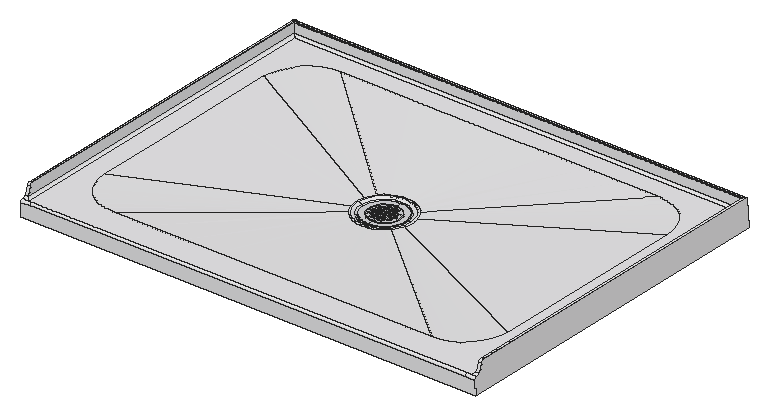
Revit family "Shower-Base-KOHLER-Ballast-K-1935", category Plumbing Fixtures, host Face, Revit 2017
Family settings
  Host = Face
  Round Connector Dimension = Use Diameter
  Part Type = Normal
  OmniClass Number = 23.31.17.15
  OmniClass Title = Shower Enclosure Bases
  Cut with Voids When Loaded = No
  Shared = No
  Room Calculation Point = No
Parameters (values of type "0-White")
  Width = 36"  # constant formula
  WaterSense Certified = 1 = 0  # no
  Waste Water Outlet = "Waste Water Outlet"  # constant formula
  Waste Connection = 1 = 1  # yes
  Vent Connection = 1 = 0  # no
  URL = "https://www.us.kohler.com/us/"
  Type = 1
  Product Page URL = "http://www.us.kohler.com/us/catalog/productDetails.jsp?productNumber=1935"
  Product Name = "Ballast"  # constant formula
  Product Documentation Link = "https://www.us.kohler.com/webassets/kpna/catalog/pdf/en/K-1935_spec.pdf"
  Model = "K-1935-0"  # constant formula
  Material = "Acrylic"  # constant formula
  Master Format 2014 Name = "Residential Showers"  # constant formula
  Master Format 2014 = "22 42 23"  # constant formula
  Manufacturer Address = "444 Highland Dr, Kohler, WI 53044"  # constant formula
  Manufacturer = "KOHLER Co."  # constant formula
  Length = 48"  # constant formula
  Hot Water Inlet = "Hot Water Inlet"  # constant formula
  Height = 2 7/8"  # constant formula
  HW Connection = 1 = 0  # no
  Finish = KOHLER-Acrylic-0-White
  Environmental Product Declaration = ""
  Drain Included = 1 = 0  # no
  Description = "48inch x 36inch Shower base with center drain"  # constant formula
  Default Elevation = 0"
  Declare Label = ""
  Date Modified = "03/18/2020"  # constant formula
  Date Created = "03/18/2020"  # constant formula
  Copyright = "Copyright KOHLER Co."  # constant formula
  Contact Us = "https://www.us.kohler.com/us/static/contact.jsp"
  Cold Water Inlet = "Cold Water Inlet"  # constant formula
  CW Connection = 1 = 0  # no
  Assembly Code = "D2010700"
  ADA Compliant = 1 = 0  # no
Reference planes (in)
  plane 1 "Center (Front/Back)": y = 0
  plane 2: z = 0
  plane 3 "Center (Left/Right)": x = 0
  plane 4: y = 18
  plane 5: y = -18
  plane 6: x = -24
  plane 7: x = 24
  plane 8: y = -15.75
  plane 9: z = 2.875
  plane 10: z = 1.625
Dimensions and locks (in)
  plane 1 "Center (Front/Back)" to plane 4 = 18"
  "Width": plane 4 to plane 5
  plane 6 to plane 3 "Center (Left/Right)" = 24"
  "Length": plane 6 to plane 7
  locked: plane 8 to plane 5 at 2.25
  "Height": plane 9 to level
  locked: plane 10 to level at 1.625
  plane 9 to plane 10 = 1 1/4"
  aligned and locked: plane 2 to host face
  aligned and locked: level to host face
  aligned and locked: plane 3 "Center (Left/Right)" to nested 1
Automatic sketch dimensions
  host sketch curve to host sketch curve = 96"  (x2)
Nested families (in)
  nested 1: "K-1935" at (0, 0, 0), type "K-1935"
Connectors (in)
  piping at (0, 0, 0), diameter 2, driven by "Waste Connection", driven by "Waste Water Outlet"
    settings: on nested 1, index 1, connector inside diameter 24", connector length 0", flow factor 0, pipe flow 0 GPM, pressure drop 0.00 psi, fitting loss kfactor 0, connector angle 0.00°, fixture units 0, engagement length 0", angle of deflection 0.00°, flow configuration 0, flow direction 2, fitting loss method 0, system type 16, joint type 0, gender type 0, connector reference index -1, connector utility 1, adjustable connector no, is connector primary yes, connector description "Waste Water Outlet"
Definition of nested family "K-1935"
  Parameters (values of type "K-1935")
    Material = none
  Reference planes (in)
    plane 1 "Center (Front/Back)": y = 0
    plane 2: z = 0
    plane 3 "Center (Left/Right)": x = 0
    plane 4: y = 18
    plane 5: y = -18
    plane 6: x = -24
    plane 7: x = 24
    plane 8: y = -15.75
    plane 9: z = 2.875
    plane 10: z = 1.625
    plane 11: y = 17.625
  Forms (in)
    Sweep 1, solid, material <- "Material", detail levels medium+fine
      path origin (0, 0, 0) x (1, 0, 0) y (0, 1, 0)
        loop
          line (24, -18) -> (24, 18) -> (-24, 18) -> (-24, -18)
      profile origin (0, 18, 0) x (0, 1, 0) y (0, 0, 1)
        loop
          line (-0.10573, 2.875) -> (-0.30095, 2.875)
          arc (-0.30095, 2.875) -> (-0.32256, 2.86632) -> (-0.33217, 2.84511) r 0.03125
          line (-0.33217, 2.84511) -> (-0.375, 1.8641)
          arc (-0.375, 1.8641) -> (-0.45188, 1.69441) -> (-0.62476, 1.625) r 0.25
          line (-0.62476, 1.625) -> (-1.064, 1.625) -> (-1.064, 0) -> (0, 0) -> (-0.07449, 2.84457)
          arc (-0.07449, 2.84457) -> (-0.08392, 2.86613) -> (-0.10573, 2.875) r 0.03125
    Extrusion 2, solid, material <- "Material", detail levels medium+fine
      sketch origin (0, 0, 0) x (0, 1, 0) y (0, 0, 1)
        loop
          line (-17.96382, 1.38154) -> (-18, 0) -> (-17.5, 0) -> (-17.5, 1.625) -> (-17.71391, 1.625)
          arc (-17.71391, 1.625) -> (-17.88836, 1.55408) -> (-17.96382, 1.38154) r 0.25
      from -22.936 to 22.936
    Extrusion 3, void
      sketch origin (0, 0, 0) x (0, 1, 0) y (0, 0, 1)
        loop
          arc (-17.96382, 1.38154) -> (-17.88836, 1.55408) -> (-17.71391, 1.625) r 0.25
          line (-17.71391, 1.625) -> (-17.67885, 1.625)
          arc (-17.67885, 1.625) -> (-17.50604, 1.67949) -> (-17.39574, 1.82324) r 0.30128
          line (-17.39574, 1.82324) -> (-17.09212, 2.65742)
          arc (-17.09212, 2.65742) -> (-16.97105, 2.8152) -> (-16.78138, 2.875) r 0.33068
          line (-16.78138, 2.875) -> (-16.78138, 3.05364) -> (-18.25252, 3.05364) -> (-18.25252, -0.09624) -> (-18.00252, -0.09624) -> (-17.96382, 1.38154)
      from -24.70452 to 24.94642
    Extrusion 4, solid, material <- "Material", detail levels medium+fine
      sketch origin (0, 0, 0) x (1, 0, 0) y (0, 1, 0)
        loop
          line (-22.936, -17.5) -> (22.936, -17.5) -> (22.936, 16.936) -> (-22.936, 16.936) -> (-22.936, -17.5)
      from 0 to 1.625
    Blend 5, void
      base sketch origin (0, 0, 0) x (1, 0, 0) y (0, 1, 0)
        loop
          arc (-2.33835, 1.87939) -> (-2.64756, 1.41082) -> (-2.86406, 0.89284) r 3
          arc (-2.86406, 0.89284) -> (-3, 0) -> (-2.86406, -0.89284) r 3
          arc (-2.86406, -0.89284) -> (-2.64756, -1.41082) -> (-2.33835, -1.87939) r 3
          arc (-2.33835, -1.87939) -> (0, -3) -> (2.33835, -1.87939) r 3
          arc (2.33835, -1.87939) -> (2.64756, -1.41082) -> (2.86406, -0.89284) r 3
          arc (2.86406, -0.89284) -> (3, 0) -> (2.86406, 0.89284) r 3
          arc (2.86406, 0.89284) -> (2.64756, 1.41082) -> (2.33835, 1.87939) r 3
          arc (2.33835, 1.87939) -> (0, 3) -> (-2.33835, 1.87939) r 3
      top sketch origin (0, 0, 0) x (1, 0, 0) y (0, 1, 0)
        loop
          line (-21.30191, 10.79502) -> (-21.30191, -10.2859)
          arc (-21.30191, -10.2859) -> (-19.9839, -13.46788) -> (-16.80191, -14.7859) r 4.5
          line (-16.80191, -14.7859) -> (16.80191, -14.7859)
          arc (16.80191, -14.7859) -> (19.9839, -13.46788) -> (21.30191, -10.2859) r 4.5
          line (21.30191, -10.2859) -> (21.30191, 10.79502)
          arc (21.30191, 10.79502) -> (19.9839, 13.977) -> (16.80191, 15.29502) r 4.5
          line (16.80191, 15.29502) -> (-16.80191, 15.29502)
          arc (-16.80191, 15.29502) -> (-19.9839, 13.977) -> (-21.30191, 10.79502) r 4.5
      from 0.99348 to 1.625
    Revolve 6, void
      sketch origin (0, 0, 0) x (1, 0, 0) y (0, 0, 1)
        loop
          line (0, 0.99348) -> (-2.76404, 0.99348)
          arc (-2.76404, 0.99348) -> (-2.5727, 0.95542) -> (-2.41049, 0.84704) r 0.5
          line (-2.41049, 0.84704) -> (-2.2047, 0.64125)
          arc (-2.2047, 0.64125) -> (-2.11564, 0.58174) -> (-2.01059, 0.56084) r 0.27451
          line (-2.01059, 0.56084) -> (-1.83443, 0.56084)
          arc (-1.83443, 0.56084) -> (-1.78497, 0.54036) -> (-1.76449, 0.49091) r 0.06994
          line (-1.76449, 0.49091) -> (-1.76449, 0.26341) -> (0, 0.26341) -> (0, 0.99348)
        axis (0, 0.99348) -> (0, 0.26341)
      angle from 0 to 360
    Revolve 7, solid, detail levels medium+fine
      sketch origin (0, 0, -0.15527) x (0, 1, 0) y (0, 0, 1)
        loop
          line (0, 0.50542) -> (1.59083, 0.50542) -> (1.59083, 0.79996)
          arc (1.59083, 0.79996) -> (1.60556, 0.84099) -> (1.64303, 0.86328) r 0.0645
          line (1.64303, 0.86328) -> (2.1875, 0.96912) -> (2.1875, 1.00161) -> (1.59463, 1.00161) -> (1.59463, 0.88299) -> (1.552, 0.84036) -> (1.552, 0.58348) -> (0, 0.58348) -> (0, 0.50542)
        loop
          line (0, 1.00161) -> (0, 0.91911) -> (1.57332, 0.91911) -> (1.57332, 1.00161) -> (0, 1.00161)
        axis (0, 1.00161) -> (0, 0.50542)
      angle from 0 to 360
    Extrusion 8, void
      sketch origin (0, 0, 0) x (1, 0, 0) y (0, 1, 0)
        loop
          arc (-0.34375, 0.7935) -> (-0.30839, 0.80814) -> (-0.29375, 0.8435) r 0.05
          line (-0.29375, 0.8435) -> (-0.29375, 1.14975)
          arc (-0.29375, 1.14975) -> (-0.30839, 1.18511) -> (-0.34375, 1.19975) r 0.05
          line (-0.34375, 1.19975) -> (-0.65, 1.19975)
          arc (-0.65, 1.19975) -> (-0.68536, 1.18511) -> (-0.7, 1.14975) r 0.05
          line (-0.7, 1.14975) -> (-0.7, 0.8435)
          arc (-0.7, 0.8435) -> (-0.68536, 0.80814) -> (-0.65, 0.7935) r 0.05
          line (-0.65, 0.7935) -> (-0.34375, 0.7935)
        loop
          arc (-0.65, 0.69975) -> (-0.68536, 0.68511) -> (-0.7, 0.64975) r 0.05
          line (-0.7, 0.64975) -> (-0.7, 0.34375)
          arc (-0.7, 0.34375) -> (-0.68536, 0.30839) -> (-0.65, 0.29375) r 0.05
          line (-0.65, 0.29375) -> (-0.344, 0.29375)
          arc (-0.344, 0.29375) -> (-0.30864, 0.30839) -> (-0.294, 0.34375) r 0.05
          line (-0.294, 0.34375) -> (-0.294, 0.64975)
          arc (-0.294, 0.64975) -> (-0.30864, 0.68511) -> (-0.344, 0.69975) r 0.05
          line (-0.344, 0.69975) -> (-0.65, 0.69975)
        loop
          arc (-0.65, 0.203) -> (-0.68536, 0.18836) -> (-0.7, 0.153) r 0.05
          line (-0.7, 0.153) -> (-0.7, -0.153)
          arc (-0.7, -0.153) -> (-0.68536, -0.18836) -> (-0.65, -0.203) r 0.05
          line (-0.65, -0.203) -> (-0.344, -0.203)
          arc (-0.344, -0.203) -> (-0.30864, -0.18836) -> (-0.294, -0.153) r 0.05
          line (-0.294, -0.153) -> (-0.294, 0.153)
          arc (-0.294, 0.153) -> (-0.30864, 0.18836) -> (-0.344, 0.203) r 0.05
          line (-0.344, 0.203) -> (-0.65, 0.203)
        loop
          line (0.34375, 0.7935) -> (0.65, 0.7935)
          arc (0.65, 0.7935) -> (0.68536, 0.80814) -> (0.7, 0.8435) r 0.05
          line (0.7, 0.8435) -> (0.7, 1.14975)
          arc (0.7, 1.14975) -> (0.68536, 1.18511) -> (0.65, 1.19975) r 0.05
          line (0.65, 1.19975) -> (0.34375, 1.19975)
          arc (0.34375, 1.19975) -> (0.30839, 1.18511) -> (0.29375, 1.14975) r 0.05
          line (0.29375, 1.14975) -> (0.29375, 0.8435)
          arc (0.29375, 0.8435) -> (0.30839, 0.80814) -> (0.34375, 0.7935) r 0.05
        loop
          line (0.65, 0.69975) -> (0.344, 0.69975)
          arc (0.344, 0.69975) -> (0.30864, 0.68511) -> (0.294, 0.64975) r 0.05
          line (0.294, 0.64975) -> (0.294, 0.34375)
          arc (0.294, 0.34375) -> (0.30864, 0.30839) -> (0.344, 0.29375) r 0.05
          line (0.344, 0.29375) -> (0.65, 0.29375)
          arc (0.65, 0.29375) -> (0.68536, 0.30839) -> (0.7, 0.34375) r 0.05
          line (0.7, 0.34375) -> (0.7, 0.64975)
          arc (0.7, 0.64975) -> (0.68536, 0.68511) -> (0.65, 0.69975) r 0.05
        loop
          line (0.65, 0.203) -> (0.344, 0.203)
          arc (0.344, 0.203) -> (0.30864, 0.18836) -> (0.294, 0.153) r 0.05
          line (0.294, 0.153) -> (0.294, -0.153)
          arc (0.294, -0.153) -> (0.30864, -0.18836) -> (0.344, -0.203) r 0.05
          line (0.344, -0.203) -> (0.65, -0.203)
          arc (0.65, -0.203) -> (0.68536, -0.18836) -> (0.7, -0.153) r 0.05
          line (0.7, -0.153) -> (0.7, 0.153)
          arc (0.7, 0.153) -> (0.68536, 0.18836) -> (0.65, 0.203) r 0.05
        loop
          arc (-0.153, 0.203) -> (-0.18836, 0.18836) -> (-0.203, 0.153) r 0.05
          line (-0.203, 0.153) -> (-0.203, -0.153)
          arc (-0.203, -0.153) -> (-0.18836, -0.18836) -> (-0.153, -0.203) r 0.05
          line (-0.153, -0.203) -> (0.153, -0.203)
          arc (0.153, -0.203) -> (0.18836, -0.18836) -> (0.203, -0.153) r 0.05
          line (0.203, -0.153) -> (0.203, 0.153)
          arc (0.203, 0.153) -> (0.18836, 0.18836) -> (0.153, 0.203) r 0.05
          line (0.153, 0.203) -> (-0.153, 0.203)
        loop
          arc (-0.153, 0.69975) -> (-0.18836, 0.68511) -> (-0.203, 0.64975) r 0.05
          line (-0.203, 0.64975) -> (-0.203, 0.34375)
          arc (-0.203, 0.34375) -> (-0.18836, 0.30839) -> (-0.153, 0.29375) r 0.05
          line (-0.153, 0.29375) -> (0.153, 0.29375)
          arc (0.153, 0.29375) -> (0.18836, 0.30839) -> (0.203, 0.34375) r 0.05
          line (0.203, 0.34375) -> (0.203, 0.64975)
          arc (0.203, 0.64975) -> (0.18836, 0.68511) -> (0.153, 0.69975) r 0.05
          line (0.153, 0.69975) -> (-0.153, 0.69975)
        loop
          line (-0.34375, -0.7935) -> (-0.65, -0.7935)
          arc (-0.65, -0.7935) -> (-0.68536, -0.80814) -> (-0.7, -0.8435) r 0.05
          line (-0.7, -0.8435) -> (-0.7, -1.14975)
          arc (-0.7, -1.14975) -> (-0.68536, -1.18511) -> (-0.65, -1.19975) r 0.05
          line (-0.65, -1.19975) -> (-0.34375, -1.19975)
          arc (-0.34375, -1.19975) -> (-0.30839, -1.18511) -> (-0.29375, -1.14975) r 0.05
          line (-0.29375, -1.14975) -> (-0.29375, -0.8435)
          arc (-0.29375, -0.8435) -> (-0.30839, -0.80814) -> (-0.34375, -0.7935) r 0.05
        loop
          line (-0.65, -0.69975) -> (-0.344, -0.69975)
          arc (-0.344, -0.69975) -> (-0.30864, -0.68511) -> (-0.294, -0.64975) r 0.05
          line (-0.294, -0.64975) -> (-0.294, -0.34375)
          arc (-0.294, -0.34375) -> (-0.30864, -0.30839) -> (-0.344, -0.29375) r 0.05
          line (-0.344, -0.29375) -> (-0.65, -0.29375)
          arc (-0.65, -0.29375) -> (-0.68536, -0.30839) -> (-0.7, -0.34375) r 0.05
          line (-0.7, -0.34375) -> (-0.7, -0.64975)
          arc (-0.7, -0.64975) -> (-0.68536, -0.68511) -> (-0.65, -0.69975) r 0.05
        loop
          arc (0.34375, -0.7935) -> (0.30839, -0.80814) -> (0.29375, -0.8435) r 0.05
          line (0.29375, -0.8435) -> (0.29375, -1.14975)
          arc (0.29375, -1.14975) -> (0.30839, -1.18511) -> (0.34375, -1.19975) r 0.05
          line (0.34375, -1.19975) -> (0.65, -1.19975)
          arc (0.65, -1.19975) -> (0.68536, -1.18511) -> (0.7, -1.14975) r 0.05
          line (0.7, -1.14975) -> (0.7, -0.8435)
          arc (0.7, -0.8435) -> (0.68536, -0.80814) -> (0.65, -0.7935) r 0.05
          line (0.65, -0.7935) -> (0.34375, -0.7935)
        loop
          arc (0.65, -0.69975) -> (0.68536, -0.68511) -> (0.7, -0.64975) r 0.05
          line (0.7, -0.64975) -> (0.7, -0.34375)
          arc (0.7, -0.34375) -> (0.68536, -0.30839) -> (0.65, -0.29375) r 0.05
          line (0.65, -0.29375) -> (0.344, -0.29375)
          arc (0.344, -0.29375) -> (0.30864, -0.30839) -> (0.294, -0.34375) r 0.05
          line (0.294, -0.34375) -> (0.294, -0.64975)
          arc (0.294, -0.64975) -> (0.30864, -0.68511) -> (0.344, -0.69975) r 0.05
          line (0.344, -0.69975) -> (0.65, -0.69975)
        loop
          line (-0.153, -0.69975) -> (0.153, -0.69975)
          arc (0.153, -0.69975) -> (0.18836, -0.68511) -> (0.203, -0.64975) r 0.05
          line (0.203, -0.64975) -> (0.203, -0.34375)
          arc (0.203, -0.34375) -> (0.18836, -0.30839) -> (0.153, -0.29375) r 0.05
          line (0.153, -0.29375) -> (-0.153, -0.29375)
          arc (-0.153, -0.29375) -> (-0.18836, -0.30839) -> (-0.203, -0.34375) r 0.05
          line (-0.203, -0.34375) -> (-0.203, -0.64975)
          arc (-0.203, -0.64975) -> (-0.18836, -0.68511) -> (-0.153, -0.69975) r 0.05
        loop
          arc (-0.84375, 0.29375) -> (-0.80839, 0.30839) -> (-0.79375, 0.34375) r 0.05
          line (-0.79375, 0.34375) -> (-0.79375, 0.64975)
          arc (-0.79375, 0.64975) -> (-0.80839, 0.68511) -> (-0.84375, 0.69975) r 0.05
          line (-0.84375, 0.69975) -> (-1.14975, 0.69975)
          arc (-1.14975, 0.69975) -> (-1.18511, 0.68511) -> (-1.19975, 0.64975) r 0.05
          line (-1.19975, 0.64975) -> (-1.19975, 0.34375)
          arc (-1.19975, 0.34375) -> (-1.18511, 0.30839) -> (-1.14975, 0.29375) r 0.05
          line (-1.14975, 0.29375) -> (-0.84375, 0.29375)
        loop
          arc (-1.14975, -0.29375) -> (-1.18511, -0.30839) -> (-1.19975, -0.34375) r 0.05
          line (-1.19975, -0.34375) -> (-1.19975, -0.64975)
          arc (-1.19975, -0.64975) -> (-1.18511, -0.68511) -> (-1.14975, -0.69975) r 0.05
          line (-1.14975, -0.69975) -> (-0.84375, -0.69975)
          arc (-0.84375, -0.69975) -> (-0.80839, -0.68511) -> (-0.79375, -0.64975) r 0.05
          line (-0.79375, -0.64975) -> (-0.79375, -0.34375)
          arc (-0.79375, -0.34375) -> (-0.80839, -0.30839) -> (-0.84375, -0.29375) r 0.05
          line (-0.84375, -0.29375) -> (-1.14975, -0.29375)
        loop
          line (0.84375, 0.29375) -> (1.14975, 0.29375)
          arc (1.14975, 0.29375) -> (1.18511, 0.30839) -> (1.19975, 0.34375) r 0.05
          line (1.19975, 0.34375) -> (1.19975, 0.64975)
          arc (1.19975, 0.64975) -> (1.18511, 0.68511) -> (1.14975, 0.69975) r 0.05
          line (1.14975, 0.69975) -> (0.84375, 0.69975)
          arc (0.84375, 0.69975) -> (0.80839, 0.68511) -> (0.79375, 0.64975) r 0.05
          line (0.79375, 0.64975) -> (0.79375, 0.34375)
          arc (0.79375, 0.34375) -> (0.80839, 0.30839) -> (0.84375, 0.29375) r 0.05
        loop
          line (1.14975, -0.29375) -> (0.84375, -0.29375)
          arc (0.84375, -0.29375) -> (0.80839, -0.30839) -> (0.79375, -0.34375) r 0.05
          line (0.79375, -0.34375) -> (0.79375, -0.64975)
          arc (0.79375, -0.64975) -> (0.80839, -0.68511) -> (0.84375, -0.69975) r 0.05
          line (0.84375, -0.69975) -> (1.14975, -0.69975)
          arc (1.14975, -0.69975) -> (1.18511, -0.68511) -> (1.19975, -0.64975) r 0.05
          line (1.19975, -0.64975) -> (1.19975, -0.34375)
          arc (1.19975, -0.34375) -> (1.18511, -0.30839) -> (1.14975, -0.29375) r 0.05
        loop
          arc (0.2, 1.14975) -> (0.17787, 1.19276) -> (0.13, 1.19975) r 0.05286
          line (0.13, 1.19975) -> (0.13, 1.44975) -> (-0.13, 1.44975) -> (-0.13, 1.19975)
          arc (-0.13, 1.19975) -> (-0.17787, 1.19276) -> (-0.2, 1.14975) r 0.05286
          line (-0.2, 1.14975) -> (-0.2, 0.83975)
          arc (-0.2, 0.83975) -> (-0.18536, 0.80439) -> (-0.15, 0.78975) r 0.05
          line (-0.15, 0.78975) -> (0.15, 0.78975)
          arc (0.15, 0.78975) -> (0.18536, 0.80439) -> (0.2, 0.83975) r 0.05
          line (0.2, 0.83975) -> (0.2, 1.14975)
        loop
          line (0.2, -1.14975) -> (0.2, -0.83975)
          arc (0.2, -0.83975) -> (0.18536, -0.80439) -> (0.15, -0.78975) r 0.05
          line (0.15, -0.78975) -> (-0.15, -0.78975)
          arc (-0.15, -0.78975) -> (-0.18536, -0.80439) -> (-0.2, -0.83975) r 0.05
          line (-0.2, -0.83975) -> (-0.2, -1.14975)
          arc (-0.2, -1.14975) -> (-0.17787, -1.19276) -> (-0.13, -1.19975) r 0.05286
          line (-0.13, -1.19975) -> (-0.13, -1.44975) -> (0.13, -1.44975) -> (0.13, -1.19975)
          arc (0.13, -1.19975) -> (0.17787, -1.19276) -> (0.2, -1.14975) r 0.05286
        loop
          arc (-1.14975, 0.2) -> (-1.19276, 0.17787) -> (-1.19975, 0.13) r 0.05286
          line (-1.19975, 0.13) -> (-1.44975, 0.13) -> (-1.44975, -0.13) -> (-1.19975, -0.13)
          arc (-1.19975, -0.13) -> (-1.19276, -0.17787) -> (-1.14975, -0.2) r 0.05286
          line (-1.14975, -0.2) -> (-0.83975, -0.2)
          arc (-0.83975, -0.2) -> (-0.80439, -0.18536) -> (-0.78975, -0.15) r 0.05
          line (-0.78975, -0.15) -> (-0.78975, 0.15)
          arc (-0.78975, 0.15) -> (-0.80439, 0.18536) -> (-0.83975, 0.2) r 0.05
          line (-0.83975, 0.2) -> (-1.14975, 0.2)
        loop
          line (1.14975, 0.2) -> (0.83975, 0.2)
          arc (0.83975, 0.2) -> (0.80439, 0.18536) -> (0.78975, 0.15) r 0.05
          line (0.78975, 0.15) -> (0.78975, -0.15)
          arc (0.78975, -0.15) -> (0.80439, -0.18536) -> (0.83975, -0.2) r 0.05
          line (0.83975, -0.2) -> (1.14975, -0.2)
          arc (1.14975, -0.2) -> (1.19276, -0.17787) -> (1.19975, -0.13) r 0.05286
          line (1.19975, -0.13) -> (1.44975, -0.13) -> (1.44975, 0.13) -> (1.19975, 0.13)
          arc (1.19975, 0.13) -> (1.19276, 0.17787) -> (1.14975, 0.2) r 0.05286
      from 0.72772 to 1.05028
    Extrusion 9, solid, material <- "Material", detail levels medium+fine
      sketch origin (0, 0, 0) x (1, 0, 0) y (0, 1, 0)
        loop
          circle (0, 0) r 1
      from 0 to 0.01563
    Extrusion 10, solid, material <- "Material", detail levels coarse
      sketch origin (0, 0, 0) x (1, 0, 0) y (0, 1, 0)
        loop
          line (-24, 18) -> (-24, -18) -> (24, -18) -> (24, 18) -> (-24, 18)
      from 0 to 1.625
    Extrusion 11, solid, material <- "Material", detail levels coarse
      sketch origin (0, 0, 0) x (1, 0, 0) y (0, 1, 0)
        loop
          line (-24, 18) -> (-24, -18) -> (-23.5, -18) -> (-23.5, 17.5) -> (23.5, 17.5) -> (23.5, -18) -> (24, -18) -> (24, 18) -> (-24, 18)
      from 1.625 to 2.875
    Extrusion 12, void
      sketch origin (0, 0, 0) x (1, 0, 0) y (0, 1, 0)
        loop
          line (-21.30191, 10.79502) -> (-21.30191, -10.2859)
          arc (-21.30191, -10.2859) -> (-19.9839, -13.46788) -> (-16.80191, -14.7859) r 4.5
          line (-16.80191, -14.7859) -> (16.80191, -14.7859)
          arc (16.80191, -14.7859) -> (19.9839, -13.46788) -> (21.30191, -10.2859) r 4.5
          line (21.30191, -10.2859) -> (21.30191, 10.79502)
          arc (21.30191, 10.79502) -> (19.9839, 13.977) -> (16.80191, 15.29502) r 4.5
          line (16.80191, 15.29502) -> (-16.80191, 15.29502)
          arc (-16.80191, 15.29502) -> (-19.9839, 13.977) -> (-21.30191, 10.79502) r 4.5
      from 0.99348 to 2.02392
  Cuts and joins
    Extrusion 3, Revolve 6 cuts Sweep 1
    Revolve 6 cuts Extrusion 2
    Blend 5, Revolve 6 cuts Extrusion 4
    joined: Sweep 1, Extrusion 2, Extrusion 4
    Extrusion 8 cuts Revolve 7
    Extrusion 12 cuts Extrusion 10
    joined: Extrusion 10, Extrusion 11
  Lines and regions (in)
    Masking region 1
      outline origin (0, 0, 0) x (1, 0, 0) y (0, 0, 1)
        loop
          arc (-23.89427, 2.875) -> (-23.91608, 2.86613) -> (-23.92551, 2.84457) r 0.03125
          line (-23.92551, 2.84457) -> (-24, 0) -> (24, 0) -> (23.92551, 2.84457)
          arc (23.92551, 2.84457) -> (23.91608, 2.86613) -> (23.89427, 2.875) r 0.03125
          line (23.89427, 2.875) -> (-23.89427, 2.875)
    Masking region 2
      outline origin (0, 0, 0) x (0, 1, 0) y (0, 0, 1)
        loop
          line (18, 0) -> (17.92545, 2.84693)
          spline (17.92545, 2.84693) -> (17.92439, 2.85088) -> (17.92304, 2.85464) -> (17.92142, 2.85819) -> (17.91955, 2.86148) -> (17.91744, 2.86447) -> (17.91513, 2.86713) -> (17.91263, 2.86944) -> (17.90997, 2.87136) -> (17.90719, 2.87288) -> (17.90432, 2.87397) -> (17.90138, 2.87464) -> (17.89841, 2.87486)
          line (17.89841, 2.87486) -> (-16.78138, 2.875)
          arc (-16.78138, 2.875) -> (-16.97105, 2.8152) -> (-17.09212, 2.65742) r 0.33068
          line (-17.09212, 2.65742) -> (-17.39574, 1.82324)
          arc (-17.39574, 1.82324) -> (-17.50604, 1.67949) -> (-17.67885, 1.625) r 0.30128
          line (-17.67885, 1.625) -> (-17.71391, 1.625)
          arc (-17.71391, 1.625) -> (-17.88836, 1.55408) -> (-17.96382, 1.38154) r 0.25
          line (-17.96382, 1.38154) -> (-18, 0) -> (18, 0)
    Masking region 3
      outline origin (0, 0, 0) x (1, 0, 0) y (0, 1, 0)
        loop
          line (-24, 17.5) -> (-24, -17.5)
          arc (-24, -17.5) -> (-23.85355, -17.85355) -> (-23.5, -18) r 0.5
          line (-23.5, -18) -> (23.5, -18)
          arc (23.5, -18) -> (23.85355, -17.85355) -> (24, -17.5) r 0.5
          line (24, -17.5) -> (24, 17.5)
          arc (24, 17.5) -> (23.85355, 17.85355) -> (23.5, 18) r 0.5
          line (23.5, 18) -> (-23.5, 18)
          arc (-23.5, 18) -> (-23.85355, 17.85355) -> (-24, 17.5) r 0.5
    symbolic lines, detail levels medium+fine
      curve 1: line (-23.625, 0, 1.8641) -> (-23.66783, 0, 2.84511)
      curve 2: arc (-23.69905, 0, 2.875) -> (-23.67744, 0, 2.86632) -> (-23.66783, 0, 2.84511) r 0.03125
      curve 3: arc (-23.625, 0, 1.8641) -> (-23.54812, 0, 1.69441) -> (-23.37524, 0, 1.625) r 0.25
      curve 4: arc (23.625, 0, 1.8641) -> (23.54812, 0, 1.69441) -> (23.37524, 0, 1.625) r 0.25
      curve 5: line (23.66783, 0, 2.84511) -> (23.625, 0, 1.8641)
      curve 6: arc (23.69905, 0, 2.875) -> (23.67744, 0, 2.86632) -> (23.66783, 0, 2.84511) r 0.03125
      curve 7: line (23.37524, 0, 1.625) -> (-23.37524, 0, 1.625)
      curve 8: line (-21.30191, -10.2859, 0) -> (-21.30191, 10.79502, 0)
      curve 9: arc (-21.30191, 10.79502, 0) -> (-19.9839, 13.977, 0) -> (-16.80191, 15.29502, 0) r 4.5
      curve 10: line (-16.80191, 15.29502, 0) -> (16.80191, 15.29502, 0)
      curve 11: arc (16.80191, 15.29502, 0) -> (19.9839, 13.977, 0) -> (21.30191, 10.79502, 0) r 4.5
      curve 12: line (21.30191, 10.79502, 0) -> (21.30191, -10.2859, 0)
      curve 13: arc (21.30191, -10.2859, 0) -> (19.9839, -13.46788, 0) -> (16.80191, -14.7859, 0) r 4.5
      curve 14: line (16.80191, -14.7859, 0) -> (-16.80191, -14.7859, 0)
      curve 15: arc (-16.80191, -14.7859, 0) -> (-19.9839, -13.46788, 0) -> (-21.30191, -10.2859, 0) r 4.5
      curve 24: line (-23.5, -16.95868, 0) -> (-23.5, 17.25, 0)
      curve 25: line (-23.25, 17.5, 0) -> (23.25, 17.5, 0)
      curve 26: arc (-23.5, 17.25, 0) -> (-23.42678, 17.42678, 0) -> (-23.25, 17.5, 0) r 0.25
      curve 27: line (-23.5, -17.5, 0) -> (23.5, -17.5, 0)
      curve 28: arc (-24, -17.16611, 0) -> (-23.80062, -17.40885, 0) -> (-23.5, -17.5, 0) r 0.54132
      curve 29: arc (-24, -17.16611, 0) -> (-23.68074, -17.22934, 0) -> (-23.5, -16.95868, 0) r 0.29303
      curve 30: line (23.5, -16.95868, 0) -> (23.5, 17.25, 0)
      curve 31: arc (23.5, 17.25, 0) -> (23.42678, 17.42678, 0) -> (23.25, 17.5, 0) r 0.25
      curve 32: arc (24, -17.16611, 0) -> (23.80062, -17.40885, 0) -> (23.5, -17.5, 0) r 0.54132
      curve 33: arc (24, -17.16611, 0) -> (23.68074, -17.22934, 0) -> (23.5, -16.95868, 0) r 0.29303
      curve 34: circle (0, 0, 0) r 2.1875 normal (0, 0, 1)
      curve 35: circle (0, 0, 0) r 1.57332 normal (0, 0, 1)
      curve 36: circle (0, 0, 0) r 1.552 normal (0, 0, 1)
      curve 38: line (-0.34375, 0.7935, 0) -> (-0.65, 0.7935, 0)
      curve 39: arc (-0.65, 0.7935, 0) -> (-0.68536, 0.80814, 0) -> (-0.7, 0.8435, 0) r 0.05
      curve 40: line (-0.7, 0.8435, 0) -> (-0.7, 1.14975, 0)
      curve 41: arc (-0.7, 1.14975, 0) -> (-0.68536, 1.18511, 0) -> (-0.65, 1.19975, 0) r 0.05
      curve 42: line (-0.65, 1.19975, 0) -> (-0.34375, 1.19975, 0)
      curve 43: arc (-0.34375, 1.19975, 0) -> (-0.30839, 1.18511, 0) -> (-0.29375, 1.14975, 0) r 0.05
      curve 44: line (-0.29375, 1.14975, 0) -> (-0.29375, 0.8435, 0)
      curve 45: arc (-0.29375, 0.8435, 0) -> (-0.30839, 0.80814, 0) -> (-0.34375, 0.7935, 0) r 0.05
      curve 46: line (-0.65, 0.69975, 0) -> (-0.344, 0.69975, 0)
      curve 47: arc (-0.344, 0.69975, 0) -> (-0.30864, 0.68511, 0) -> (-0.294, 0.64975, 0) r 0.05
      curve 48: line (-0.294, 0.64975, 0) -> (-0.294, 0.34375, 0)
      curve 49: arc (-0.294, 0.34375, 0) -> (-0.30864, 0.30839, 0) -> (-0.344, 0.29375, 0) r 0.05
      curve 50: line (-0.344, 0.29375, 0) -> (-0.65, 0.29375, 0)
      curve 51: arc (-0.65, 0.29375, 0) -> (-0.68536, 0.30839, 0) -> (-0.7, 0.34375, 0) r 0.05
      curve 52: line (-0.7, 0.34375, 0) -> (-0.7, 0.64975, 0)
      curve 53: arc (-0.7, 0.64975, 0) -> (-0.68536, 0.68511, 0) -> (-0.65, 0.69975, 0) r 0.05
      curve 54: line (-0.65, 0.203, 0) -> (-0.344, 0.203, 0)
      curve 55: arc (-0.344, 0.203, 0) -> (-0.30864, 0.18836, 0) -> (-0.294, 0.153, 0) r 0.05
      curve 56: line (-0.294, 0.153, 0) -> (-0.294, -0.153, 0)
      curve 57: arc (-0.294, -0.153, 0) -> (-0.30864, -0.18836, 0) -> (-0.344, -0.203, 0) r 0.05
      curve 58: line (-0.344, -0.203, 0) -> (-0.65, -0.203, 0)
      curve 59: arc (-0.65, -0.203, 0) -> (-0.68536, -0.18836, 0) -> (-0.7, -0.153, 0) r 0.05
      curve 60: line (-0.7, -0.153, 0) -> (-0.7, 0.153, 0)
      curve 61: arc (-0.7, 0.153, 0) -> (-0.68536, 0.18836, 0) -> (-0.65, 0.203, 0) r 0.05
      curve 62: line (0.34375, 0.7935, 0) -> (0.65, 0.7935, 0)
      curve 63: arc (0.65, 0.7935, 0) -> (0.68536, 0.80814, 0) -> (0.7, 0.8435, 0) r 0.05
      curve 64: line (0.7, 0.8435, 0) -> (0.7, 1.14975, 0)
      curve 65: arc (0.7, 1.14975, 0) -> (0.68536, 1.18511, 0) -> (0.65, 1.19975, 0) r 0.05
      curve 66: line (0.65, 1.19975, 0) -> (0.34375, 1.19975, 0)
      curve 67: arc (0.34375, 1.19975, 0) -> (0.30839, 1.18511, 0) -> (0.29375, 1.14975, 0) r 0.05
      curve 68: line (0.29375, 1.14975, 0) -> (0.29375, 0.8435, 0)
      curve 69: arc (0.29375, 0.8435, 0) -> (0.30839, 0.80814, 0) -> (0.34375, 0.7935, 0) r 0.05
      curve 70: line (0.65, 0.69975, 0) -> (0.344, 0.69975, 0)
      curve 71: arc (0.344, 0.69975, 0) -> (0.30864, 0.68511, 0) -> (0.294, 0.64975, 0) r 0.05
      curve 72: line (0.294, 0.64975, 0) -> (0.294, 0.34375, 0)
      curve 73: arc (0.294, 0.34375, 0) -> (0.30864, 0.30839, 0) -> (0.344, 0.29375, 0) r 0.05
      curve 74: line (0.344, 0.29375, 0) -> (0.65, 0.29375, 0)
      curve 75: arc (0.65, 0.29375, 0) -> (0.68536, 0.30839, 0) -> (0.7, 0.34375, 0) r 0.05
      curve 76: line (0.7, 0.34375, 0) -> (0.7, 0.64975, 0)
      curve 77: arc (0.7, 0.64975, 0) -> (0.68536, 0.68511, 0) -> (0.65, 0.69975, 0) r 0.05
      curve 78: line (0.65, 0.203, 0) -> (0.344, 0.203, 0)
      curve 79: arc (0.344, 0.203, 0) -> (0.30864, 0.18836, 0) -> (0.294, 0.153, 0) r 0.05
      curve 80: line (0.294, 0.153, 0) -> (0.294, -0.153, 0)
      curve 81: arc (0.294, -0.153, 0) -> (0.30864, -0.18836, 0) -> (0.344, -0.203, 0) r 0.05
      curve 82: line (0.344, -0.203, 0) -> (0.65, -0.203, 0)
      curve 83: arc (0.65, -0.203, 0) -> (0.68536, -0.18836, 0) -> (0.7, -0.153, 0) r 0.05
      curve 84: line (0.7, -0.153, 0) -> (0.7, 0.153, 0)
      curve 85: arc (0.7, 0.153, 0) -> (0.68536, 0.18836, 0) -> (0.65, 0.203, 0) r 0.05
      curve 86: line (-0.153, 0.203, 0) -> (0.153, 0.203, 0)
      curve 87: arc (0.153, 0.203, 0) -> (0.18836, 0.18836, 0) -> (0.203, 0.153, 0) r 0.05
      curve 88: line (0.203, 0.153, 0) -> (0.203, -0.153, 0)
      curve 89: arc (0.203, -0.153, 0) -> (0.18836, -0.18836, 0) -> (0.153, -0.203, 0) r 0.05
      curve 90: line (0.153, -0.203, 0) -> (-0.153, -0.203, 0)
      curve 91: arc (-0.153, -0.203, 0) -> (-0.18836, -0.18836, 0) -> (-0.203, -0.153, 0) r 0.05
      curve 92: line (-0.203, -0.153, 0) -> (-0.203, 0.153, 0)
      curve 93: arc (-0.203, 0.153, 0) -> (-0.18836, 0.18836, 0) -> (-0.153, 0.203, 0) r 0.05
      curve 94: line (-0.153, 0.69975, 0) -> (0.153, 0.69975, 0)
      curve 95: arc (0.153, 0.69975, 0) -> (0.18836, 0.68511, 0) -> (0.203, 0.64975, 0) r 0.05
      curve 96: line (0.203, 0.64975, 0) -> (0.203, 0.34375, 0)
      curve 97: arc (0.203, 0.34375, 0) -> (0.18836, 0.30839, 0) -> (0.153, 0.29375, 0) r 0.05
      curve 98: line (0.153, 0.29375, 0) -> (-0.153, 0.29375, 0)
      curve 99: arc (-0.153, 0.29375, 0) -> (-0.18836, 0.30839, 0) -> (-0.203, 0.34375, 0) r 0.05
      curve 100: line (-0.203, 0.34375, 0) -> (-0.203, 0.64975, 0)
      curve 101: arc (-0.203, 0.64975, 0) -> (-0.18836, 0.68511, 0) -> (-0.153, 0.69975, 0) r 0.05
      curve 102: line (-0.34375, -0.7935, 0) -> (-0.65, -0.7935, 0)
      curve 103: arc (-0.65, -0.7935, 0) -> (-0.68536, -0.80814, 0) -> (-0.7, -0.8435, 0) r 0.05
      curve 104: line (-0.7, -0.8435, 0) -> (-0.7, -1.14975, 0)
      curve 105: arc (-0.7, -1.14975, 0) -> (-0.68536, -1.18511, 0) -> (-0.65, -1.19975, 0) r 0.05
      curve 106: line (-0.65, -1.19975, 0) -> (-0.34375, -1.19975, 0)
      curve 107: arc (-0.34375, -1.19975, 0) -> (-0.30839, -1.18511, 0) -> (-0.29375, -1.14975, 0) r 0.05
      curve 108: line (-0.29375, -1.14975, 0) -> (-0.29375, -0.8435, 0)
      curve 109: arc (-0.29375, -0.8435, 0) -> (-0.30839, -0.80814, 0) -> (-0.34375, -0.7935, 0) r 0.05
      curve 110: line (-0.65, -0.69975, 0) -> (-0.344, -0.69975, 0)
      curve 111: arc (-0.344, -0.69975, 0) -> (-0.30864, -0.68511, 0) -> (-0.294, -0.64975, 0) r 0.05
      curve 112: line (-0.294, -0.64975, 0) -> (-0.294, -0.34375, 0)
      curve 113: arc (-0.294, -0.34375, 0) -> (-0.30864, -0.30839, 0) -> (-0.344, -0.29375, 0) r 0.05
      curve 114: line (-0.344, -0.29375, 0) -> (-0.65, -0.29375, 0)
      curve 115: arc (-0.65, -0.29375, 0) -> (-0.68536, -0.30839, 0) -> (-0.7, -0.34375, 0) r 0.05
      curve 116: line (-0.7, -0.34375, 0) -> (-0.7, -0.64975, 0)
      curve 117: arc (-0.7, -0.64975, 0) -> (-0.68536, -0.68511, 0) -> (-0.65, -0.69975, 0) r 0.05
      curve 118: line (0.34375, -0.7935, 0) -> (0.65, -0.7935, 0)
      curve 119: arc (0.65, -0.7935, 0) -> (0.68536, -0.80814, 0) -> (0.7, -0.8435, 0) r 0.05
      curve 120: line (0.7, -0.8435, 0) -> (0.7, -1.14975, 0)
      curve 121: arc (0.7, -1.14975, 0) -> (0.68536, -1.18511, 0) -> (0.65, -1.19975, 0) r 0.05
      curve 122: line (0.65, -1.19975, 0) -> (0.34375, -1.19975, 0)
      curve 123: arc (0.34375, -1.19975, 0) -> (0.30839, -1.18511, 0) -> (0.29375, -1.14975, 0) r 0.05
      curve 124: line (0.29375, -1.14975, 0) -> (0.29375, -0.8435, 0)
      curve 125: arc (0.29375, -0.8435, 0) -> (0.30839, -0.80814, 0) -> (0.34375, -0.7935, 0) r 0.05
      curve 126: line (0.65, -0.69975, 0) -> (0.344, -0.69975, 0)
      curve 127: arc (0.344, -0.69975, 0) -> (0.30864, -0.68511, 0) -> (0.294, -0.64975, 0) r 0.05
      curve 128: line (0.294, -0.64975, 0) -> (0.294, -0.34375, 0)
      curve 129: arc (0.294, -0.34375, 0) -> (0.30864, -0.30839, 0) -> (0.344, -0.29375, 0) r 0.05
      curve 130: line (0.344, -0.29375, 0) -> (0.65, -0.29375, 0)
      curve 131: arc (0.65, -0.29375, 0) -> (0.68536, -0.30839, 0) -> (0.7, -0.34375, 0) r 0.05
      curve 132: line (0.7, -0.34375, 0) -> (0.7, -0.64975, 0)
      curve 133: arc (0.7, -0.64975, 0) -> (0.68536, -0.68511, 0) -> (0.65, -0.69975, 0) r 0.05
      curve 134: line (-0.153, -0.69975, 0) -> (0.153, -0.69975, 0)
      curve 135: arc (0.153, -0.69975, 0) -> (0.18836, -0.68511, 0) -> (0.203, -0.64975, 0) r 0.05
      curve 136: line (0.203, -0.64975, 0) -> (0.203, -0.34375, 0)
      curve 137: arc (0.203, -0.34375, 0) -> (0.18836, -0.30839, 0) -> (0.153, -0.29375, 0) r 0.05
      curve 138: line (0.153, -0.29375, 0) -> (-0.153, -0.29375, 0)
      curve 139: arc (-0.153, -0.29375, 0) -> (-0.18836, -0.30839, 0) -> (-0.203, -0.34375, 0) r 0.05
      curve 140: line (-0.203, -0.34375, 0) -> (-0.203, -0.64975, 0)
      curve 141: arc (-0.203, -0.64975, 0) -> (-0.18836, -0.68511, 0) -> (-0.153, -0.69975, 0) r 0.05
      curve 142: line (-0.84375, 0.29375, 0) -> (-1.14975, 0.29375, 0)
      curve 143: arc (-1.14975, 0.29375, 0) -> (-1.18511, 0.30839, 0) -> (-1.19975, 0.34375, 0) r 0.05
      curve 144: line (-1.19975, 0.34375, 0) -> (-1.19975, 0.64975, 0)
      curve 145: arc (-1.19975, 0.64975, 0) -> (-1.18511, 0.68511, 0) -> (-1.14975, 0.69975, 0) r 0.05
      curve 146: line (-1.14975, 0.69975, 0) -> (-0.84375, 0.69975, 0)
      curve 147: arc (-0.84375, 0.69975, 0) -> (-0.80839, 0.68511, 0) -> (-0.79375, 0.64975, 0) r 0.05
      curve 148: line (-0.79375, 0.64975, 0) -> (-0.79375, 0.34375, 0)
      curve 149: arc (-0.79375, 0.34375, 0) -> (-0.80839, 0.30839, 0) -> (-0.84375, 0.29375, 0) r 0.05
      curve 150: line (-1.14975, -0.29375, 0) -> (-0.84375, -0.29375, 0)
      curve 151: arc (-0.84375, -0.29375, 0) -> (-0.80839, -0.30839, 0) -> (-0.79375, -0.34375, 0) r 0.05
      curve 152: line (-0.79375, -0.34375, 0) -> (-0.79375, -0.64975, 0)
      curve 153: arc (-0.79375, -0.64975, 0) -> (-0.80839, -0.68511, 0) -> (-0.84375, -0.69975, 0) r 0.05
      curve 154: line (-0.84375, -0.69975, 0) -> (-1.14975, -0.69975, 0)
      curve 155: arc (-1.14975, -0.69975, 0) -> (-1.18511, -0.68511, 0) -> (-1.19975, -0.64975, 0) r 0.05
      curve 156: line (-1.19975, -0.64975, 0) -> (-1.19975, -0.34375, 0)
      curve 157: arc (-1.19975, -0.34375, 0) -> (-1.18511, -0.30839, 0) -> (-1.14975, -0.29375, 0) r 0.05
      curve 158: line (0.84375, 0.29375, 0) -> (1.14975, 0.29375, 0)
      curve 159: arc (1.14975, 0.29375, 0) -> (1.18511, 0.30839, 0) -> (1.19975, 0.34375, 0) r 0.05
      curve 160: line (1.19975, 0.34375, 0) -> (1.19975, 0.64975, 0)
      curve 161: arc (1.19975, 0.64975, 0) -> (1.18511, 0.68511, 0) -> (1.14975, 0.69975, 0) r 0.05
      curve 162: line (1.14975, 0.69975, 0) -> (0.84375, 0.69975, 0)
      curve 163: arc (0.84375, 0.69975, 0) -> (0.80839, 0.68511, 0) -> (0.79375, 0.64975, 0) r 0.05
      curve 164: line (0.79375, 0.64975, 0) -> (0.79375, 0.34375, 0)
      curve 165: arc (0.79375, 0.34375, 0) -> (0.80839, 0.30839, 0) -> (0.84375, 0.29375, 0) r 0.05
      curve 166: line (1.14975, -0.29375, 0) -> (0.84375, -0.29375, 0)
      curve 167: arc (0.84375, -0.29375, 0) -> (0.80839, -0.30839, 0) -> (0.79375, -0.34375, 0) r 0.05
      curve 168: line (0.79375, -0.34375, 0) -> (0.79375, -0.64975, 0)
      curve 169: arc (0.79375, -0.64975, 0) -> (0.80839, -0.68511, 0) -> (0.84375, -0.69975, 0) r 0.05
      curve 170: line (0.84375, -0.69975, 0) -> (1.14975, -0.69975, 0)
      curve 171: arc (1.14975, -0.69975, 0) -> (1.18511, -0.68511, 0) -> (1.19975, -0.64975, 0) r 0.05
      curve 172: line (1.19975, -0.64975, 0) -> (1.19975, -0.34375, 0)
      curve 173: arc (1.19975, -0.34375, 0) -> (1.18511, -0.30839, 0) -> (1.14975, -0.29375, 0) r 0.05
      curve 174: line (0.2, 1.14975, 0) -> (0.2, 0.83975, 0)
      curve 175: arc (0.2, 0.83975, 0) -> (0.18536, 0.80439, 0) -> (0.15, 0.78975, 0) r 0.05
      curve 176: line (0.15, 0.78975, 0) -> (-0.15, 0.78975, 0)
      curve 177: arc (-0.15, 0.78975, 0) -> (-0.18536, 0.80439, 0) -> (-0.2, 0.83975, 0) r 0.05
      curve 178: line (-0.2, 0.83975, 0) -> (-0.2, 1.14975, 0)
      curve 179: line (-0.13, 1.19975, 0) -> (-0.13, 1.44975, 0)
      curve 180: line (0.13, 1.19975, 0) -> (0.13, 1.44975, 0)
      curve 181: line (0.13, 1.44975, 0) -> (-0.13, 1.44975, 0)
      curve 182: arc (-0.2, 1.14975, 0) -> (-0.17787, 1.19276, 0) -> (-0.13, 1.19975, 0) r 0.05286
      curve 183: arc (0.13, 1.19975, 0) -> (0.17787, 1.19276, 0) -> (0.2, 1.14975, 0) r 0.05286
      curve 184: line (0.2, -1.14975, 0) -> (0.2, -0.83975, 0)
      curve 185: arc (0.2, -0.83975, 0) -> (0.18536, -0.80439, 0) -> (0.15, -0.78975, 0) r 0.05
      curve 186: line (0.15, -0.78975, 0) -> (-0.15, -0.78975, 0)
      curve 187: arc (-0.15, -0.78975, 0) -> (-0.18536, -0.80439, 0) -> (-0.2, -0.83975, 0) r 0.05
      curve 188: line (-0.2, -0.83975, 0) -> (-0.2, -1.14975, 0)
      curve 189: line (-0.13, -1.19975, 0) -> (-0.13, -1.44975, 0)
      curve 190: line (0.13, -1.19975, 0) -> (0.13, -1.44975, 0)
      curve 191: line (0.13, -1.44975, 0) -> (-0.13, -1.44975, 0)
      curve 192: arc (-0.2, -1.14975, 0) -> (-0.17787, -1.19276, 0) -> (-0.13, -1.19975, 0) r 0.05286
      curve 193: arc (0.13, -1.19975, 0) -> (0.17787, -1.19276, 0) -> (0.2, -1.14975, 0) r 0.05286
      curve 194: line (-1.14975, 0.2, 0) -> (-0.83975, 0.2, 0)
      curve 195: arc (-0.83975, 0.2, 0) -> (-0.80439, 0.18536, 0) -> (-0.78975, 0.15, 0) r 0.05
      curve 196: line (-0.78975, 0.15, 0) -> (-0.78975, -0.15, 0)
      curve 197: arc (-0.78975, -0.15, 0) -> (-0.80439, -0.18536, 0) -> (-0.83975, -0.2, 0) r 0.05
      curve 198: line (-0.83975, -0.2, 0) -> (-1.14975, -0.2, 0)
      curve 199: line (-1.19975, -0.13, 0) -> (-1.44975, -0.13, 0)
      curve 200: line (-1.19975, 0.13, 0) -> (-1.44975, 0.13, 0)
      curve 201: line (-1.44975, 0.13, 0) -> (-1.44975, -0.13, 0)
      curve 202: arc (-1.14975, -0.2, 0) -> (-1.19276, -0.17787, 0) -> (-1.19975, -0.13, 0) r 0.05286
      curve 203: arc (-1.19975, 0.13, 0) -> (-1.19276, 0.17787, 0) -> (-1.14975, 0.2, 0) r 0.05286
      curve 204: line (1.14975, 0.2, 0) -> (0.83975, 0.2, 0)
      curve 205: arc (0.83975, 0.2, 0) -> (0.80439, 0.18536, 0) -> (0.78975, 0.15, 0) r 0.05
      curve 206: line (0.78975, 0.15, 0) -> (0.78975, -0.15, 0)
      curve 207: arc (0.78975, -0.15, 0) -> (0.80439, -0.18536, 0) -> (0.83975, -0.2, 0) r 0.05
      curve 208: line (0.83975, -0.2, 0) -> (1.14975, -0.2, 0)
      curve 209: line (1.19975, -0.13, 0) -> (1.44975, -0.13, 0)
      curve 210: line (1.19975, 0.13, 0) -> (1.44975, 0.13, 0)
      curve 211: line (1.44975, 0.13, 0) -> (1.44975, -0.13, 0)
      curve 212: arc (1.14975, -0.2, 0) -> (1.19276, -0.17787, 0) -> (1.19975, -0.13, 0) r 0.05286
      curve 213: arc (1.19975, 0.13, 0) -> (1.19276, 0.17787, 0) -> (1.14975, 0.2, 0) r 0.05286
      curve 214: line (-23.59766, -16.85346, 0) -> (-23.59766, 17.25, 0)
      curve 215: arc (-23.59766, 17.25, 0) -> (-23.49583, 17.49583, 0) -> (-23.25, 17.59766, 0) r 0.34766
      curve 216: line (-23.25, 17.59766, 0) -> (23.25, 17.59766, 0)
      curve 217: arc (23.59766, 17.25, 0) -> (23.49583, 17.49583, 0) -> (23.25, 17.59766, 0) r 0.34766
      curve 218: line (23.59766, -16.86102, 0) -> (23.59766, 17.25, 0)
      curve 219: line (-23.90234, -16.85346, 0) -> (-23.90234, 17.40234, 0)
      curve 220: arc (-23.90234, 17.40234, 0) -> (-23.7559, 17.7559, 0) -> (-23.40234, 17.90234, 0) r 0.5
      curve 221: line (-23.40234, 17.90234, 0) -> (23.40234, 17.90234, 0)
      curve 222: arc (23.90234, 17.40234, 0) -> (23.7559, 17.7559, 0) -> (23.40234, 17.90234, 0) r 0.5
      curve 223: line (23.90234, -16.85346, 0) -> (23.90234, 17.40234, 0)
      curve 224: arc (-23.59766, -16.85346, 0) -> (-23.75, -17.0058, 0) -> (-23.90234, -16.85346, 0) r 0.15234
      curve 225: line (-23.5, -16.95868, 0) -> (-23.59766, -16.86102, 0)
      curve 226: line (-23.90234, -16.85346, 0) -> (-24, -17.16611, 0)
      curve 227: arc (23.59766, -16.85346, 0) -> (23.75, -17.0058, 0) -> (23.90234, -16.85346, 0) r 0.15234
      curve 228: line (23.5, -16.95868, 0) -> (23.59766, -16.86102, 0)
      curve 229: line (23.90234, -16.85346, 0) -> (24, -17.16611, 0)
    symbolic lines
      curve 16: line (16.80191, -15.75074, 0) -> (-16.80191, -15.75074, 0)
      curve 17: arc (-16.80191, -15.75074, 0) -> (-20.66614, -14.15012, 0) -> (-22.26676, -10.2859, 0) r 5.46484
      curve 18: line (-22.26676, -10.2859, 0) -> (-22.26676, 10.79502, 0)
      curve 19: arc (-22.26676, 10.79502, 0) -> (-20.66614, 14.65924, 0) -> (-16.80191, 16.25986, 0) r 5.46484
      curve 20: line (-16.80191, 16.25986, 0) -> (16.80191, 16.25986, 0)
      curve 21: arc (16.80191, 16.25986, 0) -> (20.66614, 14.65924, 0) -> (22.26676, 10.79502, 0) r 5.46484
      curve 22: line (22.26676, 10.79502, 0) -> (22.26676, -10.2859, 0)
      curve 23: arc (22.26676, -10.2859, 0) -> (20.66614, -14.15012, 0) -> (16.80191, -15.75074, 0) r 5.46484
      curve 37: circle (0, 0, 0) r 3 normal (0, 0, 1)
  Dimensions and locks (in)
    plane 1 "Center (Front/Back)" to plane 4 = 18"
    locked: plane 4 to plane 5 at 36
    plane 6 to plane 3 "Center (Left/Right)" = 24"
    plane 6 to plane 7 = 48"
    locked: plane 5 to plane 8 at 2.25
    locked: plane 9 to level at 2.875
    locked: plane 10 to level at 1.625
    locked: plane 9 to plane 10 at 1.25
    aligned and locked: level to plane 2
